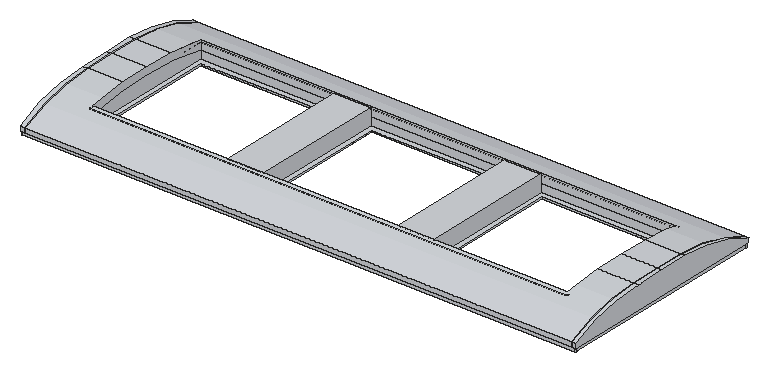
Revit family "Gira_0213738", category Electrical Fixtures, host Face, Revit 2017
Family settings
  Host = Face
  Maintain Annotation Orientation = No
  Round Connector Dimension = Use Diameter
  Part Type = Normal
  Cut with Voids When Loaded = No
  Shared = No
  Room Calculation Point = No
Parameters (values of type "Cov.fr. 3-g interm.fr. AN Gira Event Clear black")
  URL = "http://katalog.gira.de/en/datenblatt.html?artikelnr=0213738"
  Transparent = "No"
  Name = "Cov.fr. 3-g interm.fr. AN Gira Event Clear black"
  Manufacturer URL = "https://www.gira.de/"
  Manufacturer = "Gira"
  Label space/information surface = "No"
  Keynote = ""
  HeinzeBIM = "https://bimportal.heinze.de/bim/cov-fr-3-g-interm-fr-an-gira-event-clear-black/f1fee131cbdf85270486fc9ce30d576b596083dd"
  HAN = "0213738"
  GTIN = "4010337068921"
  Description = "Cov.fr.3g i.fr.AN EvCl BK,Gira Event Clear cover frame,black with anthracite intermediate frame,3-gang,Features:,- Shatter-proof."
  Default Elevation = 1219.2 mm
  Data sheet (1) = "https://katalog.gira.de/en/download.html?artikelnr=0213738"
  Category = "Cover frame for domestic switching devices"
  BIM (1) = "https://media.stage.bim.site/public/gira/36a6b08/Event_Rahmen_3fach.rfa"
  Available = "No"
Reference planes
  plane 1 "Center (Front/Back)": y = 0
  plane 2: z = 0
  plane 3 "Center (Left/Right)": x = 0
Forms (mm)
  Extrusion 1, solid, detail levels fine
    sketch origin (0, 0, 0.05) x (0, 1, 0) y (0, 0, 1)
      loop
        arc (12.445, 9.683) -> (6.223, 9.833) -> (0, 9.85) r 291.636
        arc (0, 9.85) -> (-6.223, 9.833) -> (-12.445, 9.683) r 291.636
        arc (-12.445, 9.683) -> (-29.14, 7.482) -> (-45, 1.823) r 79.728
        line (-45, 1.823) -> (-45, -0.05) -> (-42.086, -0.05)
        arc (-42.086, -0.05) -> (-21.385, 5.559) -> (0, 7.206) r 114.424
        arc (0, 7.206) -> (21.385, 5.559) -> (42.086, -0.05) r 114.424
        line (42.086, -0.05) -> (45, -0.05) -> (45, 1.823)
        arc (45, 1.823) -> (29.14, 7.482) -> (12.445, 9.683) r 79.728
    from -114.3 to 114.3
  Extrusion 2, void, detail levels fine
    sketch origin (0, 0, 0) x (1, 0, 0) y (0, 1, 0)
      loop
        line (-99.355, -28.053) -> (99.355, -28.053) -> (99.355, 28.053) -> (-99.355, 28.053) -> (-99.355, -28.053)
    from 0.724 to 11
  Extrusion 3, solid, detail levels coarse
    sketch origin (0, 0, 0) x (1, 0, 0) y (0, 1, 0)
      loop
        line (-116.3, 45) -> (-116.3, -45) -> (116.3, -45) -> (116.3, 45) -> (-116.3, 45)
    from -1.5 to 9.9
  Extrusion 4, solid, detail levels medium
    sketch origin (0, 0, 0.05) x (0, 1, 0) y (0, 0, 1)
      loop
        arc (12.445, 9.683) -> (6.223, 9.833) -> (0, 9.85) r 291.636
        arc (0, 9.85) -> (-6.223, 9.833) -> (-12.445, 9.683) r 291.636
        arc (-12.445, 9.683) -> (-29.14, 7.482) -> (-45, 1.823) r 79.728
        line (-45, 1.823) -> (-45, -0.05) -> (45, -0.05) -> (45, 1.823)
        arc (45, 1.823) -> (29.14, 7.482) -> (12.445, 9.683) r 79.728
    from -116.3 to 116.3
  Extrusion 5, solid, detail levels fine
    sketch origin (-71.3, 0, -1.5) x (0, 1, 0) y (0, 0, -1)
      loop
        line (45, -3.373) -> (45, -1.5) -> (-45, -1.5) -> (-45, -3.373)
        arc (-45, -3.373) -> (-29.14, -9.032) -> (-12.445, -11.233) r 79.728
        arc (-12.445, -11.233) -> (-6.223, -11.383) -> (0, -11.4) r 291.636
        arc (0, -11.4) -> (6.223, -11.383) -> (12.445, -11.233) r 291.636
        arc (12.445, -11.233) -> (29.14, -9.032) -> (45, -3.373) r 79.728
    from 43 to 45
  Extrusion 6, solid, detail levels fine
    sketch origin (0, 0, 0) x (1, 0, 0) y (0, 1, 0)
      loop
        line (-97.195, 25.7) -> (-97.195, -25.7) -> (-45.395, -25.7) -> (-45.395, 25.7) -> (-97.195, 25.7)
      loop
        line (25.9, -25.7) -> (25.9, 25.7) -> (-25.9, 25.7) -> (-25.9, -25.7) -> (25.9, -25.7)
      loop
        line (-100.19, 28.49) -> (-100.19, -28.495)
        spline (-100.19, -28.495) -> (-100.181, -28.625) -> (-100.156, -28.754) -> (-100.113, -28.878) -> (-100.056, -28.995) -> (-99.983, -29.104) -> (-99.897, -29.202) -> (-99.798, -29.288) -> (-99.69, -29.361) -> (-99.572, -29.419) -> (-99.448, -29.461) -> (-99.32, -29.486) -> (-99.19, -29.495)
        line (-99.19, -29.495) -> (99.195, -29.495)
        spline (99.195, -29.495) -> (99.325, -29.486) -> (99.454, -29.461) -> (99.578, -29.419) -> (99.695, -29.361) -> (99.804, -29.288) -> (99.902, -29.202) -> (99.988, -29.104) -> (100.061, -28.995) -> (100.119, -28.878) -> (100.161, -28.754) -> (100.186, -28.625) -> (100.195, -28.495)
        line (100.195, -28.495) -> (100.195, 28.49)
        spline (100.195, 28.49) -> (100.186, 28.62) -> (100.161, 28.748) -> (100.119, 28.872) -> (100.061, 28.99) -> (99.988, 29.098) -> (99.902, 29.197) -> (99.804, 29.283) -> (99.695, 29.356) -> (99.578, 29.413) -> (99.454, 29.456) -> (99.325, 29.481) -> (99.195, 29.49)
        line (99.195, 29.49) -> (-99.19, 29.49)
        spline (-99.19, 29.49) -> (-99.32, 29.481) -> (-99.448, 29.456) -> (-99.572, 29.413) -> (-99.69, 29.356) -> (-99.798, 29.283) -> (-99.897, 29.197) -> (-99.983, 29.098) -> (-100.056, 28.99) -> (-100.113, 28.872) -> (-100.156, 28.748) -> (-100.181, 28.62) -> (-100.19, 28.49)
      loop
        line (97.2, -25.7) -> (97.2, 25.7) -> (45.4, 25.7) -> (45.4, -25.7) -> (97.2, -25.7)
    from 0.1 to 7.3
  Extrusion 7, solid
    sketch origin (0, 0, 0) x (1, 0, 0) y (0, 1, 0)
      loop
        arc (-116, -44.2) -> (-115.854, -44.554) -> (-115.5, -44.7) r 0.5
        line (-115.5, -44.7) -> (115.5, -44.7)
        arc (115.5, -44.7) -> (115.854, -44.554) -> (116, -44.2) r 0.5
        line (116, -44.2) -> (116, 44.2)
        arc (116, 44.2) -> (115.854, 44.554) -> (115.5, 44.7) r 0.5
        line (115.5, 44.7) -> (-115.5, 44.7)
        arc (-115.5, 44.7) -> (-115.854, 44.554) -> (-116, 44.2) r 0.5
        line (-116, 44.2) -> (-116, -44.2)
      loop
        line (-114.3, 43) -> (-114.3, -43) -> (114.3, -43) -> (114.3, 43) -> (-114.3, 43)
    from -1.5 to 0.5
  Extrusion 8, solid, detail levels fine
    sketch origin (71.3, 0, -1.5) x (0, 1, 0) y (0, 0, 1)
      loop
        arc (45, 3.373) -> (29.14, 9.032) -> (12.445, 11.233) r 79.728
        arc (12.445, 11.233) -> (6.223, 11.383) -> (0, 11.4) r 291.636
        arc (0, 11.4) -> (-6.223, 11.383) -> (-12.445, 11.233) r 291.636
        arc (-12.445, 11.233) -> (-29.14, 9.032) -> (-45, 3.373) r 79.728
        line (-45, 3.373) -> (-45, 1.5) -> (45, 1.5) -> (45, 3.373)
    from 43 to 45
  Extrusion 9, solid, detail levels medium
    sketch origin (0, 0, 0) x (1, 0, 0) y (0, 1, 0)
      loop
        line (-116, -44.7) -> (116, -44.7) -> (116, 44.7) -> (-116, 44.7) -> (-116, -44.7)
    from -1.5 to 0.5
  Extrusion 10, solid, detail levels fine
    sketch origin (-34.207, 0, 0) x (1, 0, 0) y (0, 1, 0)
      loop
        line (-8.943, 28.063) -> (-8.943, -27.937) -> (6.057, -27.937) -> (6.057, 28.063) -> (-8.943, 28.063)
    from 0.724 to 7.566
  Extrusion 11, solid, detail levels fine
    sketch origin (34.207, 0, 0) x (-1, 0, 0) y (0, -1, 0)
      loop
        line (-8.943, -28.063) -> (6.057, -28.063) -> (6.057, 27.937) -> (-8.943, 27.937) -> (-8.943, -28.063)
    from 0.724 to 7.566
Cuts and joins
  Extrusion 2 cuts Extrusion 1
  Extrusion 2 cuts Extrusion 6
Dimensions and locks
  aligned and locked: plane 2 to host face
  aligned and locked: level to host face
